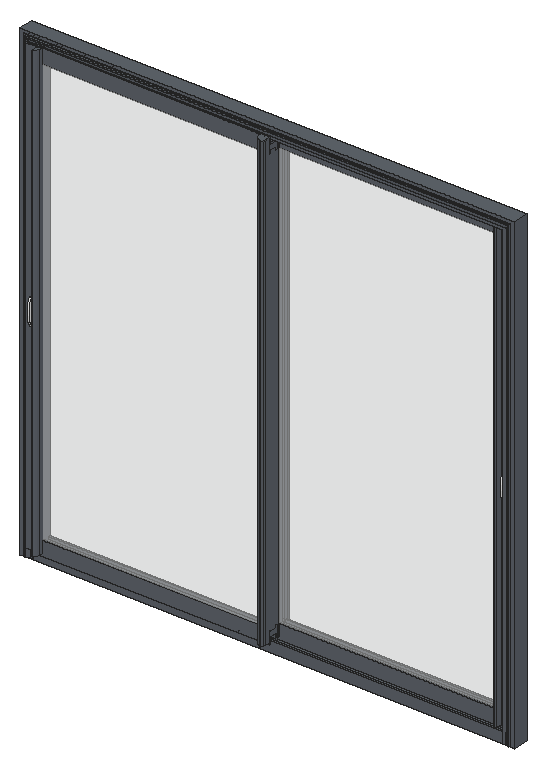
Revit family "Wicslide_65_Glass32_2_leaf_2_track_both_sliding_or_1_fixed_1slide", category Doors, host Wall, Revit 2014
Parameters
  Youtube clip = ""
  Weight Net (Kg) = 0
  Watertightness = "E900\r\nE900"
  Uniclass2 = "Ss-25-30-95-28"
  Uniclass 2015 Name = ""
  Uniclass 2015 Code = ""
  Uniclass 2.0 Description = ""
  Uniclass 2.0 Code = ""
  Uniclass 1.4 Description = ""
  Uniclass 1.4 Code = ""
  URL = "http://www.wicona.com"
  UNSPSC Code = ""
  Technical description = ""
  Sash meeting 3041252 = yes
  Sash meeting 3041251 = no
  Sash meeting 3041250 = not(or(Sash meeting 3041251, Sash meeting 3041252))  # no
  Sash 1041273 = yes
  Thermal (2-leaf frame) = "Uw < 1.5 W/m².K (with Ug = 1.0)"
  Sash 1041272 = no
  Sash 1041271 = no
  Sash 1041270 = not(or(Sash 1041271, Sash 1041272, Sash 1041273))  # no
  Resistance to wind load = ""
  Repeated Opening/Closing = "Class 3 (20,000 Cycles)"
  Region South America = "None"
  Region Oceania = "None"
  Region North America = "None"
  Region Middle East = "None"
  Region Europe = "AD, AL, AT, AX, BA, BE, BG, BY, CH, CS, CY, CZ, DE, DK, EE, ES, FI, FO, FR, GB, GG, GI, GR, HR, HU, IE, IM, IS, IT, JE, LI, LT, LU, LV, MC, MD, ME, MK, MT, NL, NO, PL, PT, RO, RS, RU, SE, SI, SJ, SK, SM, UA, VA, XK"
  Region Asia = "None"
  Region Antarctica = "None"
  Region Africa = "None"
  Quality Assurance = "Certified according to ISO 9001:2008"
  QR code = "http://bimobject.com/wicona/product/WICSLIDE_65_W"
  Product group = ""
  Product family = ""
  Product data url = "http://bimobject.com/wicona/product/WICSLIDE_65_W"
  Product certification = ""
  Product SKU = "WICSLIDE_65_W"
  Product Guid = "74bd8be9-202c-4542-9c4e-775a99e34c85"
  Operation = "IFC_DOORSLIDING"
  Operating Forces = "Class 1"
  OmniClass Description = ""
  OmniClass Code = ""
  Nominal width = 220000
  Nominal height = 210000
  NBS Reference Description = ""
  NBS Reference Code = ""
  Model = "Wicslide 65"
  Mechanical Strength = "Class 4"
  Maximum Sash Weight = "160kg as standard design, heavier weights can easily be customised"
  Material secondary = ""
  Material main = ""
  Manufacturer name = "Wicona"
  Manufacturer country = "Germany"
  Manufacturer = "Wicona"
  Load Bearing Capacity of Safety Devices = "Fulfilled"
  Leaf Width = Width / 2 - Frame Width 2  # 1052.5 mm
  Leaf Material = WICONA - Aluminium - RAL7016 - Anthracite Grey - Matt
  Leaf Height All = Height - Frame Width 2 - Bottom Offset  # 2013 mm
  Leaf Connect = 6.2 mm  # constant formula
  Leaf 2 Width = Width / 2 - Frame Width 2  # 1052.5 mm
  Keynote = "L10/330"
  Installation instructions = ""
  IFC Classification = ""
  Handle Material = Aluminium
  Glass Material = WICONA -  Glass
  Function = Interior
  Frame Width 3 = Frame Width - 24.5 mm  # 42.5 mm
  Frame Width 2 = if(Frame 1041226, 47.5 mm, 54.5 mm)  # 47.5 mm
  Frame Width = 67 mm
  Height = 2100 mm
  Wall Closure = By host
  Width = 2200 mm
  Frame Material = WICONA - Aluminium - RAL7016 - Anthracite Grey - Matt
  Frame Depth = 65 mm
  Frame 1041226 = yes
  Frame 1041231 = not(or(Frame 1041226))  # no
  Edition number = 1
  EN1627 Burglar Resistance = "RC1N, RC2N, RC2, RC3, SBD"
  EAN code = ""
  Door Offset = 60 mm
  Door 1 width = Width / 2 - Frame Width 2 - 50 mm  # 1002.5 mm
  Design country = "Germany"
  Description = "With  its  various  designs  of  outer  and  opening  frames, multiple  leaf  combinations  (from  2  to  6  leaves)  and  its  comprehensive range of dual colour solutions, the Wicslide 65 brings greater freedom to building design. Designed  to  meet  market  demands,  Wicslide  65  sliding doors are perfectly suited for disabled access."
  Date of publishing = "3/14/2015"
  Corrosion Resistance of the Fittings = "Class 5"
  COBIe Type Category = ""
  Bottom Offset = if(Frame Bottom 1041226, 46.5 mm, 39.5 mm)  # 39.5 mm
  Frame Bottom 1041232 = no
  Frame Bottom 1041226 = no
  Frame Bottom 1041231 = not(or(Frame Bottom 1041232, Frame Bottom 1041226))  # yes
  BIMobject category = ""
  Analytic Construction = "<None>"
  Air Permeability = "Class 4"
  Acoustic = "RA,tr = 35 dB"
Reference planes
  plane 1: y = 0
  plane 2 "Center (Left/Right)": x = 0
  plane 3 "Left": x = -1100
  plane 4 "Right": x = 1100
  plane 5: z = 2100
  plane 6 "Exterior": y = 75
  plane 7 "Interior": y = -75
  plane 8 "base line": y = 15
  plane 9: y = -50
  plane 10: x = -1052.5
  plane 11: z = 2052.5
  plane 12: x = 1052.5
  plane 13: y = 1081.9
  plane 14: x = -1060.5
  plane 15: x = 1060.5
  plane 16: y = -44
  plane 17: y = 9
  plane 18: z = 2051.035
  plane 19: z = 39.5
Forms (mm)
  Sweep 1, solid, material "WICONA - Aluminium - RAL7016 - Anthracite Grey - Matt" <- "Frame Material", visible <- "Frame 1041231"
    path origin (0, 15, 0) x (-1, 0, 0) y (0, 0, 1)
      loop
        line (1100, 0) -> (1100, 2100) -> (-1100, 2100) -> (-1100, 0)
    profile "Frame_1041231_profil : Frame_1041231_profil" origin (-1100, 15, 1050) x (1, 0, 0) y (0, 1, 0)
      loop
        line (0, 0.014) -> (0, -64.986) -> (47.501, -64.986) -> (47.501, -52.986) -> (28.03, -52.986) -> (28.03, -11.986) -> (47.501, -11.986) -> (47.501, 0.014) -> (0, 0.014)
  Sweep 2, solid, material "WICONA - Aluminium - RAL7016 - Anthracite Grey - Matt" <- "Frame Material", visible <- "Frame Bottom 1041231"
    path origin (0, 15, 0) x (-1, 0, 0) y (0, 0, 1)
      loop
        line (1060.5, 0) -> (-1060.5, 0)
    profile origin (0, 15, 0) x (0, 0, -1) y (0, 1, 0)
      loop
        line (0, 0) -> (-47.501, 0) -> (-47.501, -11.986) -> (-28.03, -11.986) -> (-28.03, -52.986) -> (-47.501, -52.986) -> (-47.501, -65) -> (0, -65) -> (0, 0)
  Sweep 3, solid, material "WICONA - Aluminium - RAL7016 - Anthracite Grey - Matt" <- "Frame Material", visible <- "Frame Bottom 1041226"
    path origin (0, 15, 0) x (-1, 0, 0) y (0, 0, 1)
      loop
        line (1060.5, 0) -> (-1060.5, 0)
    profile origin (0, 15, 0) x (0, 0, -1) y (0, 1, 0)
      loop
        line (-41.095, 0) -> (-54.504, 0) -> (-54.504, -11.986) -> (-35.067, -11.986) -> (-35.067, -52.986) -> (-54.504, -52.986) -> (-54.504, -65) -> (0, -65) -> (0, 0) -> (-16, 0) -> (-16, -5.069) -> (-17.931, -7) -> (-22.706, -7) -> (-22.706, 2) -> (-28.468, 2) -> (-41.095, 0)
  Sweep 4, solid, material "WICONA - Aluminium - RAL7016 - Anthracite Grey - Matt" <- "Frame Material", visible <- "Frame Bottom 1041232"
    path origin (0, 15, 0) x (-1, 0, 0) y (0, 0, 1)
      loop
        line (1060.5, 0) -> (-1060.5, 0)
    profile origin (0, 15, 0) x (0, 0, -1) y (0, 1, 0)
      loop
        line (0, 0) -> (-47.552, 0) -> (-47.552, -12) -> (-28.081, -12) -> (-28.081, -52.986) -> (-47.552, -52.986) -> (-47.552, -65.041) -> (-18.5, -65.041) -> (-18.5, -78.723)
        arc (-18.5, -78.723) -> (-25.364, -83.22) -> (-33.01, -86.2) r 39.467
        line (-33.01, -86.2) -> (-46.2, -86.2) -> (-46.2, -85.004) -> (-47.5, -85.004) -> (-47.5, -88) -> (-32.284, -88)
        arc (-32.284, -88) -> (-23.829, -84.402) -> (-16.3, -79.134) r 44.207
        line (-16.3, -79.134) -> (-16.3, -65) -> (0, -65) -> (0, 0)
  Sweep 5, solid, material "WICONA - Aluminium - RAL7016 - Anthracite Grey - Matt" <- "Frame Material", visible <- "Frame 1041226"
    path origin (0, 15, 0) x (-1, 0, 0) y (0, 0, 1)
      loop
        line (1100, 0) -> (1100, 2100) -> (-1100, 2100) -> (-1100, 0)
    profile origin (-1100, 15, 1050) x (1, 0, 0) y (0, 1, 0)
      loop
        line (54.5, -65) -> (54.5, -53) -> (35.067, -53) -> (35.067, -12) -> (54.5, -12) -> (54.5, 0) -> (0, 0) -> (0, -65) -> (16, -65) -> (16, -59.931) -> (17.931, -58) -> (22.706, -58) -> (22.706, -67) -> (28.468, -67) -> (41.095, -65) -> (54.5, -65)
Lines and regions (mm)
  Opening 1
    outline origin (-3050, -75, 0) x (1, 0, 0) y (0, 0, 1)
      loop
        line (1950, 0) -> (4150, 0) -> (4150, 2100) -> (1950, 2100) -> (1950, 0)
  model lines
    curve 1: line (0, -47.728, -46.926) -> (0, -47.728, -43.389)
  symbolic lines, style "Elevation Swing"
    curve 2: line (373.788, -75, 1198.851) -> (653.788, -75, 1198.851)
    curve 3: line (373.788, -75, 1198.851) -> (433.892, -75, 1138.747)
    curve 4: line (373.788, -75, 1198.851) -> (433.892, -75, 1258.955)
    curve 5: line (373.788, -75, 1198.851) -> (653.788, -75, 1198.851)
    curve 6: line (373.788, -75, 1198.851) -> (433.892, -75, 1258.955)
    curve 7: line (373.788, -75, 1198.851) -> (433.892, -75, 1138.747)
    curve 20: line (-344.757, -75, 1198.851) -> (-624.757, -75, 1198.851)
    curve 21: line (-344.757, -75, 1198.851) -> (-404.861, -75, 1138.747)
    curve 22: line (-344.757, -75, 1198.851) -> (-404.861, -75, 1258.955)
    curve 23: line (-344.757, -75, 1198.851) -> (-624.757, -75, 1198.851)
    curve 24: line (-344.757, -75, 1198.851) -> (-404.861, -75, 1258.955)
    curve 25: line (-344.757, -75, 1198.851) -> (-404.861, -75, 1138.747)
  symbolic lines, style "Plan Swing", detail levels coarse
    curve 8: line (-1052.5, -75, 0) -> (-1100, -75, 0)
    curve 9: line (1052.5, 75, 0) -> (1052.5, -75, 0)
    curve 10: line (-1052.5, 75, 0) -> (-1052.5, -75, 0)
    curve 11: line (-1052.5, 75, 0) -> (-1100, 75, 0)
    curve 12: line (1100, 75, 0) -> (1052.5, 75, 0)
    curve 13: line (1100, -75, 0) -> (1052.5, -75, 0)
  symbolic lines, style "Elevation Swing", not visible
    curve 14: line (213.788, -75, 1198.851) -> (493.788, -75, 1198.851)
    curve 15: line (213.788, -75, 1198.851) -> (273.892, -75, 1138.747)
    curve 16: line (213.788, -75, 1198.851) -> (273.892, -75, 1258.955)
    curve 17: line (213.788, -75, 1198.851) -> (493.788, -75, 1198.851)
    curve 18: line (213.788, -75, 1198.851) -> (273.892, -75, 1258.955)
    curve 19: line (213.788, -75, 1198.851) -> (273.892, -75, 1138.747)
Text (mm)
  text "Exterior" at (-2295.016, 1099.543, 0), in view "Ref. Level"
  text "Exterior" at (0, 1615.38, 3698.081), in view "Left"
  text "Exterior" at (0, 1036.032, 3874.932), in view "Right"
Dimensions and locks
  equal spacing: plane 3 "Left", plane 2 "Center (Left/Right)", plane 4 "Right"
  "Width": plane 3 "Left" to plane 4 "Right"
  "Height": plane 5 to host wall
  host wall to plane 5 = 2100 mm  (x2)
  locked: plane 6 "Exterior" to host wall at 0
  locked: plane 7 "Interior" to host wall
  "Door Offset": host wall to plane 8 "base line"
  "Frame Depth": plane 8 "base line" to plane 9
  "Frame Width 2": plane 3 "Left" to plane 10
  "Frame Width 2": plane 11 to plane 5
  "Frame Width 2": plane 12 to plane 4 "Right"
  "Bottom Offset": plane 3 "Left" to plane 14
  "Bottom Offset": plane 15 to plane 4 "Right"
  locked: plane 8 "base line" to plane 17 at 6
  locked: plane 9 to plane 16 at 6
  locked: plane 11 to plane 18 at 1.465
  "Bottom Offset": plane 19 to level
  aligned and locked: plane 3 "Left" to Opening 1 sketch curve
  aligned and locked: plane 5 to Opening 1 sketch curve  (x2)
  aligned and locked: Opening 1 sketch curve to plane 4 "Right"
  aligned and locked: Opening 1 sketch curve to level
  aligned and locked: plane 1 to host wall
  aligned and locked: Sweep 1 sketch curve to plane 3 "Left"
  aligned and locked: plane 5 to Sweep 1 sketch curve
  aligned and locked: plane 4 "Right" to Sweep 1 sketch curve
  aligned and locked: nested 1 to plane 8 "base line"
  aligned and locked: nested 1 to plane 3 "Left"
  aligned and locked: nested 2 to plane 4 "Right"
  aligned and locked: plane 8 "base line" to nested 2
  aligned and locked: plane 9 to nested 3
  aligned and locked: level to nested 3
  aligned and locked: nested 4 to level
  aligned and locked: nested 4 to plane 9
  aligned and locked: level to nested 5
  aligned and locked: plane 9 to nested 5
  aligned and locked: plane 15 to Sweep 3 sketch curve
  aligned and locked: plane 14 to Sweep 3 sketch curve
  aligned and locked: plane 14 to Sweep 4 sketch curve
  aligned and locked: plane 15 to Sweep 4 sketch curve
  aligned and locked: plane 14 to Sweep 2 sketch curve
  aligned and locked: plane 15 to Sweep 2 sketch curve
  aligned and locked: plane 5 to nested 6
  aligned and locked: nested 7 to plane 4 "Right"
  aligned and locked: plane 8 "base line" to nested 7
  aligned and locked: nested 8 to plane 8 "base line"
  aligned and locked: nested 8 to plane 3 "Left"
  aligned and locked: plane 5 to nested 9
  aligned and locked: plane 9 to nested 9
  aligned and locked: plane 7 "Interior" to curve 10
  aligned and locked: plane 6 "Exterior" to curve 10
  aligned and locked: curve 10 to plane 10
  aligned and locked: plane 3 "Left" to curve 11
  aligned and locked: plane 10 to curve 11
  aligned and locked: curve 11 to plane 6 "Exterior"
  aligned and locked: plane 3 "Left" to curve 8
  aligned and locked: curve 8 to plane 7 "Interior"
  aligned and locked: plane 7 "Interior" to curve 9
  aligned and locked: plane 6 "Exterior" to curve 9
  aligned and locked: curve 9 to plane 12
  aligned and locked: plane 4 "Right" to curve 13
  aligned and locked: plane 12 to curve 13
  aligned and locked: curve 13 to plane 7 "Interior"
  aligned and locked: plane 4 "Right" to curve 12
  aligned and locked: curve 12 to plane 6 "Exterior"
  aligned and locked: plane 10 to nested 10
  aligned and locked: nested 10 to plane 17
  aligned and locked: nested 11 to plane 16
  aligned and locked: plane 12 to nested 11
  aligned and locked: nested 6 to plane 9
  aligned and locked: plane 10 to nested 12
  aligned and locked: plane 2 "Center (Left/Right)" to nested 12
  aligned and locked: plane 16 to nested 12
  aligned and locked: plane 12 to nested 13
  aligned and locked: plane 2 "Center (Left/Right)" to nested 13
  aligned and locked: nested 13 to plane 17
  aligned and locked: plane 10 to nested 14
  aligned and locked: plane 16 to nested 14
  aligned and locked: nested 14 to plane 18
  aligned and locked: plane 18 to nested 15
  aligned and locked: plane 12 to nested 15
  aligned and locked: plane 17 to nested 15
Automatic sketch dimensions
  Sweep 1 sketch curve to level = 0 mm  (x2)
  Sweep 3 sketch curve to level = 0 mm
  plane 9 to curve 1 = 2.272 mm
  curve 1 to level = 46.926 mm
  curve 1 to curve 1 = 3.537 mm
  Sweep 2 sketch curve to level = 0 mm
  Sweep 4 sketch curve to level = 0 mm
  plane 4 "Right" to Sweep 5 sketch curve = 0 mm
  plane 3 "Left" to Sweep 5 sketch curve = 0 mm
  Sweep 5 sketch curve to level = 0 mm  (x2)
  Sweep 5 sketch curve to plane 5 = 0 mm
  Sweep 3 sketch curve to plane 8 "base line" = 0 mm  (x2)
  Sweep 3 sketch curve to profile plane = 0 mm
  Sweep 3 sketch curve to plane 8 "base line" = 5.069 mm
  profile plane to Sweep 3 sketch curve = 16 mm
  Sweep 3 sketch curve to plane 8 "base line" = 7 mm
  Sweep 3 sketch curve to Sweep 3 sketch curve = 1.931 mm
  plane 8 "base line" to Sweep 3 sketch curve = 2 mm
  Sweep 3 sketch curve to Sweep 3 sketch curve = 6.706 mm
  Sweep 3 sketch curve to Sweep 3 sketch curve = 5.762 mm
  Sweep 3 sketch curve to Sweep 3 sketch curve = 12.361 mm
  Sweep 3 sketch curve to Sweep 3 sketch curve = 12.628 mm
  Sweep 3 sketch curve to Sweep 3 sketch curve = 19.437 mm
  Sweep 3 sketch curve to Sweep 3 sketch curve = 13.408 mm
  Sweep 3 sketch curve to plane 8 "base line" = 11.986 mm
  Sweep 3 sketch curve to Sweep 3 sketch curve = 41 mm
  Sweep 3 sketch curve to Sweep 3 sketch curve = 12.014 mm
  Sweep 2 sketch curve to plane 8 "base line" = 0 mm
  profile plane to Sweep 2 sketch curve = 47.501 mm
  Sweep 2 sketch curve to Sweep 2 sketch curve = 0 mm
  Sweep 2 sketch curve to Sweep 2 sketch curve = 19.471 mm
  Sweep 2 sketch curve to profile plane = 0 mm
  Sweep 2 sketch curve to plane 8 "base line" = 11.986 mm
  Sweep 2 sketch curve to Sweep 2 sketch curve = 41 mm
  Sweep 2 sketch curve to Sweep 2 sketch curve = 12.014 mm
  Sweep 5 sketch curve to plane 8 "base line" = 0 mm
  Sweep 5 sketch curve to profile plane = 0 mm
  Sweep 5 sketch curve to profile plane = 16 mm
  Sweep 5 sketch curve to Sweep 5 sketch curve = 1.931 mm  (x2)
  Sweep 5 sketch curve to Sweep 5 sketch curve = 6.706 mm
  Sweep 5 sketch curve to Sweep 5 sketch curve = 5.762 mm
  Sweep 5 sketch curve to plane 8 "base line" = 12 mm
  Sweep 5 sketch curve to profile plane = 35.067 mm
  Sweep 5 sketch curve to Sweep 5 sketch curve = 19.433 mm  (x2)
  Sweep 5 sketch curve to Sweep 5 sketch curve = 41 mm
  Sweep 5 sketch curve to Sweep 5 sketch curve = 5 mm
  Sweep 5 sketch curve to Sweep 5 sketch curve = 5.069 mm
  Sweep 5 sketch curve to Sweep 5 sketch curve = 2 mm
  Sweep 5 sketch curve to Sweep 5 sketch curve = 12.628 mm
  Sweep 5 sketch curve to Sweep 5 sketch curve = 12 mm
  Sweep 4 sketch curve to plane 8 "base line" = 0 mm
  Sweep 4 sketch curve to profile plane = 0 mm
  profile plane to Sweep 4 sketch curve = 16.3 mm
  Sweep 4 sketch curve to Sweep 4 sketch curve = 2.2 mm
  Sweep 4 sketch curve to plane 8 "base line" = 12 mm
  Sweep 4 sketch curve to Sweep 4 sketch curve = 13.784 mm
  Sweep 4 sketch curve to Sweep 4 sketch curve = 15.361 mm
  Sweep 4 sketch curve to Sweep 4 sketch curve = 1.829 mm
  Sweep 4 sketch curve to Sweep 4 sketch curve = 13.916 mm
  Sweep 4 sketch curve to Sweep 4 sketch curve = 1.3 mm
  Sweep 4 sketch curve to Sweep 4 sketch curve = 4.109 mm
  Sweep 4 sketch curve to Sweep 4 sketch curve = 19.471 mm
  Sweep 4 sketch curve to Sweep 4 sketch curve = 33.744 mm
  Sweep 4 sketch curve to Sweep 4 sketch curve = 2.394 mm
  Sweep 4 sketch curve to Sweep 4 sketch curve = 4.849 mm
  Sweep 4 sketch curve to Sweep 4 sketch curve = 12.014 mm
  Sweep 4 sketch curve to Sweep 4 sketch curve = 12.055 mm
  Sweep 4 sketch curve to Sweep 4 sketch curve = 14.134 mm
  Sweep 4 sketch curve to Sweep 4 sketch curve = 2.996 mm
  Sweep 4 sketch curve to Sweep 4 sketch curve = 1.196 mm
  Sweep 4 sketch curve to Sweep 4 sketch curve = 0.726 mm
  Sweep 4 sketch curve to Sweep 4 sketch curve = 0.411 mm
Nested families
  nested 1: "Frame_1041231" at (-1100, 15, 0), visible <- "Frame 1041231", type "Frame_1041231"
  nested 2: "Frame_1041231" at (1100, 15, 0) x (-1, 0, 0) z (0, 0, 1), visible <- "Frame 1041231", type "Frame_1041231"
  nested 3: "Frame_1041226" at (0, -50, 0) x (0, 0, 1) z (1, 0, 0), type "Frame_1041226"
  nested 4: "Frame_Bottom_1041232" at (0, 15, 0) x (0, 0, 1) z (1, 0, 0), visible <- "Frame Bottom 1041232", built-in parameter 1006206 <- "Frame Bottom 1041232", type "Frame_Bottom_1041232"
  nested 5: "Frame_1041231" at (0, -50, 0) x (0, 0, 1) z (1, 0, 0), visible <- "Frame Bottom 1041231", type "Frame_1041231"
  nested 6: "Frame_1041231" at (0, 15, 2100) x (0, 0, -1) z (1, 0, 0), type "Frame_1041231"
  nested 7: "Frame_1041226" at (1100, 15, 0) x (-1, 0, 0) z (0, 0, 1), visible <- "Frame 1041226", type "Frame_1041226"
  nested 8: "Frame_1041226" at (-1100, 15, 0), visible <- "Frame 1041226", type "Frame_1041226"
  nested 9: "Frame_1041226" at (0, 15, 2100) x (0, 0, -1) z (1, 0, 0), visible <- "Frame 1041226", type "Frame_1041226"
  nested 10: "Seal" at (-1052.5, 9, 0), type "Seal"
  nested 11: "Seal" at (1052.5, -44, 0) x (-1, 0, 0) z (0, 0, 1), type "Seal"
  nested 12: "sliding door_coarse" at (-1052.5, -44, 0), type "52"
    with built-in parameter 1001306 3.4531 (stored number, unit not read)
  nested 13: "sliding door_coarse" at (0, 9, 0), type "52"
    with built-in parameter 1001306 3.4531 (stored number, unit not read)
  nested 14: "Leaf_Wicslide_65_G32_2_leaf_2_track_both_sliding_or_1_fixed_1slide" at (-1050.984, -44, 43.306), type "Leaf_Wicslide_65_G32_2_leaf_2_track_both_sliding_or_1_fixed_1slide"
    with Sash 1041273 yes, Sash 1041271 no, Handle Distance 22 mm, Leaf Width 1052.5 mm, Leaf Height 2013 mm
  nested 15: "Leaf_Wicslide_65_G32_2_leaf_2_track_both_sliding_or_1_fixed_1slide_right" at (1050.984, 9, 43.305) x (-1, 0, 0) z (0, 0, 1), type "Leaf_Wicslide_65_G32_2_leaf_2_track_both_sliding_or_1_fixed_1slide_right"
    with Sash 1041273 yes, Sash 1041271 no, Handle Distance 22 mm, Leaf Width 1052.5 mm, Leaf Height 2013 mm
Definition of nested family "Leaf_Wicslide_65_G32_2_leaf_2_track_both_sliding_or_1_fixed_1slide"
  Parameters (values of type "Leaf_Wicslide_65_G32_2_leaf_2_track_both_sliding_or_1_fixed_1slide")
    Sash meeting 3041252 = yes
    Sash meeting 3041250 = no
    Sash meeting 3041251 = no
    Sash 1041273 = no
    Sash 1041270 = no
    Sash 1041271 = yes
    Sash 1041272 = no
    Profil Bottom = 4 mm
    Handle Distance = if(Sash 1041270, 22 mm, if(Sash 1041271, 45 mm, if(Sash 1041272, 42 mm, 22 mm)))  # 45 mm
    Leaf Width = 896 mm
    Leaf Material = Aluminium
    Leaf Height = 2000 mm
    Handle Material = Aluminium
    Handle Height = 850 mm  # constant formula
    Glass Width = 32 mm
    Glass Offset 2 = 7 mm  # constant formula
    Glass Offset = 46.1 mm  # constant formula
    Glass Material = WICONA -  Glass
    Glas Offset Bottom = 46.6 mm
    Frame Material = Aluminium
    16 = 16 mm
  Reference planes
    plane 1 "Center (Front/Back)": y = 0
    plane 2: z = 0
    plane 3 "Center (Left/Right)": x = 0
    plane 4: x = 896
    plane 5: z = 2000
    plane 6: x = 46.1
    plane 7: x = 889
    plane 8: z = 1953.4
    plane 9: z = 46.6
    plane 10: z = 896.6
    plane 11: x = 58.1
    plane 12: y = -16
    plane 13: y = 16
    plane 14: x = -3.312
    plane 15: x = 899.312
    plane 16: z = 46.6
    plane 17: y = -45
    plane 18: x = 20
    plane 19: z = 960.237
    plane 20: x = -1.516
    plane 21: y = -21.816
    plane 22: z = -5.306
    plane 23: z = 25
    plane 24: x = 914.975
    plane 25: z = 2010.5
    plane 26: z = 1980.5
    plane 27: z = 4
    plane 28: x = -9.9
  Forms (mm)
    Sweep 1, solid, material "Aluminium" <- "Leaf Material", visible <- "Sash 1041270"
      path origin (-1.381, 0, 34.551) x (1, 0, 0) y (0, 0, 1)
        loop
          line (0, -30.551) -> (0, 1970.678)
      profile origin (-1.381, 0, 1004.615) x (-1, 0, 0) y (0, -1, 0)
        loop
          line (-59.481, -22) -> (8.519, -22) -> (8.519, -16.6) -> (-10.369, -16.6) -> (-10.369, 16.6) -> (8.519, 16.6) -> (8.519, 22) -> (-59.395, 22) -> (-59.395, 16) -> (-47.481, 16) -> (-47.481, -16) -> (-59.481, -16) -> (-59.481, -22)
    Extrusion 2, solid, material "WICONA -  Glass" <- "Glass Material", detail levels medium+fine
      sketch origin (-214.248, -550.766, -473.088) x (1, 0, 0) y (0, 0, 1)
        loop
          line (260.348, 2426.488) -> (260.348, 519.688) -> (1103.248, 519.688) -> (1103.248, 2426.488) -> (260.348, 2426.488)
      from -566.766 to -534.766
    Sweep 3, solid, material "Aluminium" <- "Leaf Material"
      path origin (0, 0, 0) x (1, 0, 0) y (0, 0, 1)
        loop
          line (8.988, 0) -> (914.975, 0)
      profile origin (461.982, 0, 0) x (0, 0, 1) y (0, -1, 0)
        loop
          line (-5.306, -20.1) -> (58.694, -20.1) -> (58.694, -16) -> (46.634, -16) -> (46.634, 16) -> (58.694, 16) -> (58.694, 20.1) -> (-5.306, 20.1) -> (-5.306, 16.6) -> (5.236, 16.6) -> (5.236, 18.5) -> (25.914, 18.5) -> (25.914, -18.502) -> (5.236, -18.502) -> (5.236, -16.602) -> (-5.306, -16.602) -> (-5.306, -20.1)
    Sweep 4, solid, material "Aluminium" <- "Leaf Material", visible <- "Sash meeting 3041250"
      path origin (0, 0, 0) x (1, 0, 0) y (0, 0, 1)
        loop
          line (896, 2005.23) -> (896, 4)
      profile origin (896, 0, 1004.615) x (0, -1, 0) y (1, 0, 0)
        loop
          line (-22.3, -19.026) -> (-16, -19.026) -> (-16, -7.023) -> (16, -7.023) -> (16, -19.026) -> (22, -19.026) -> (22, 18.975) -> (-25.992, 18.975) -> (-25.992, 0) -> (-22.3, 0) -> (-22.3, -19.026)
    Sweep 5, solid, material "Aluminium" <- "Leaf Material", visible <- "Sash 1041273"
      path origin (0, 0, 0) x (1, 0, 0) y (0, 0, 1)
        loop
          line (0, 4) -> (0, 2005.23)
      profile origin (0, 0, 1004.615) x (-1, 0, 0) y (0, -1, 0)
        loop
          line (9.9, -22) -> (9.9, -16.517) -> (-12.05, -16.517) -> (-12.05, 16.671) -> (9.9, 16.671) -> (9.9, 22) -> (-41.1, 22) -> (-41.1, 47) -> (-42.787, 54.915) -> (-43.872, 56) -> (-47.182, 56)
          arc (-47.182, 56) -> (-54.565, 44.34) -> (-58.1, 31) r 45.352
          line (-58.1, 31) -> (-58.1, -22) -> (9.9, -22)
    Sweep 6, solid, material "Aluminium" <- "Leaf Material", visible <- "Sash 1041272"
      path origin (0, 0, 0) x (1, 0, 0) y (0, 0, 1)
        loop
          line (0, 4) -> (0, 2005.23)
      profile origin (0, 0, 1004.615) x (-1, 0, 0) y (0, -1, 0)
        loop
          line (-58.1, -22) -> (9.9, -22) -> (9.9, -16) -> (-8.988, -16) -> (-8.988, 16) -> (9.9, 16) -> (9.9, 22) -> (-6.1, 22) -> (-6.1, 41.999) -> (-58.1, 41.999) -> (-58.1, 16) -> (-46.1, 16) -> (-46.1, -16) -> (-58.1, -16) -> (-58.1, -22)
    Sweep 7, solid, material "Aluminium" <- "Leaf Material", visible <- "Sash 1041271"
      path origin (0, 0, 0) x (1, 0, 0) y (0, 0, 1)
        loop
          line (0, 4) -> (0, 2005.23)
      profile origin (0, 0, 1004.615) x (-1, 0, 0) y (0, -1, 0)
        loop
          line (9.9, -22) -> (9.9, -16.6) -> (-8.988, -16.6) -> (-8.988, 16.6) -> (9.9, 16.6) -> (9.9, 45) -> (-58.1, 45) -> (-58.1, 16) -> (-46.136, 16) -> (-46.136, -16) -> (-58.1, -16) -> (-58.1, -22) -> (9.9, -22)
    Sweep 8, solid, material "Aluminium" <- "Leaf Material", visible <- "Sash meeting 3041252"
      path origin (0, 0, 0) x (1, 0, 0) y (0, 0, 1)
        loop
          line (896, 4) -> (896, 2005.23)
      profile origin (896, 0, 1004.615) x (-1, 0, 0) y (0, -1, 0)
        loop
          line (19.026, -22.3) -> (19.026, -16.183) -> (7, -16.183) -> (7, 16) -> (19.026, 16) -> (19.026, 30.94)
          arc (19.026, 30.94) -> (9.037, 49.24) -> (-7.45, 62) r 50.906
          line (-7.45, 62) -> (-13.135, 62) -> (-14.994, 60.998) -> (-17.979, 49.857) -> (-18.975, 41.747) -> (-18.975, -25.992) -> (0, -25.992) -> (0, -22.3) -> (19.026, -22.3)
    Sweep 9, solid, material "Aluminium" <- "Leaf Material", visible <- "Sash meeting 3041251"
      path origin (0, 0, 0) x (1, 0, 0) y (0, 0, 1)
        loop
          line (896, 4) -> (896, 2005.23)
      profile origin (896, 0, 1004.615) x (-1, 0, 0) y (0, -1, 0)
        loop
          line (0, -22.3) -> (19.026, -22.3) -> (19.026, -16) -> (7.023, -16) -> (7.023, 16) -> (19.026, 16) -> (19.026, 57) -> (-18.975, 57) -> (-18.975, -25.992) -> (0, -25.992) -> (0, -22.3)
    Sweep 10, solid, material "Aluminium" <- "Leaf Material"
      path origin (0, 0, 5.236) x (1, 0, 0) y (0, 0, 1)
        loop
          line (12.05, 2000) -> (914.975, 2000)
      profile origin (463.512, 0, 2005.236) x (0, 0, 1) y (0, -1, 0)
        loop
          line (-0.006, 20.1) -> (-64.007, 20.1) -> (-64.007, 16) -> (-51.87, 16) -> (-51.87, -16) -> (-64.006, -16) -> (-64.006, -20.1) -> (-0.005, -20.1) -> (-0.005, -16.6) -> (-10.505, -16.6) -> (-10.505, -18.5) -> (-31.192, -18.5) -> (-31.192, 18.502) -> (-10.506, 18.502) -> (-10.506, 16.602) -> (-0.006, 16.602) -> (-0.006, 20.1)
    Extrusion 11, void
      sketch origin (0, 0, 0) x (1, 0, 0) y (0, 1, 0)
        loop
          line (889, 16) -> (889, -16) -> (925.276, -16) -> (925.276, 16) -> (889, 16)
      from -5.306 to 25
    Extrusion 12, void
      sketch origin (0, 0, 0) x (1, 0, 0) y (0, 1, 0)
        loop
          line (922.34, 16) -> (889, 16) -> (889, -16) -> (922.34, -16) -> (922.34, 16)
      from -5.306 to 25
    Extrusion 13, void
      sketch origin (0, 0, 140) x (1, 0, 0) y (0, 1, 0)
        loop
          line (922.34, 16) -> (889, 16) -> (889, -16) -> (922.34, -16) -> (922.34, 16)
      from 1840.5 to 1870.5
  Cuts and joins
    Extrusion 11, Extrusion 12 cuts Extrusion 2
    Extrusion 11, Extrusion 12 cuts Sweep 3
    Extrusion 11, Extrusion 12, Extrusion 13 cuts Sweep 9
    Extrusion 12, Extrusion 13 cuts Sweep 4
    Extrusion 12, Extrusion 13 cuts Sweep 8
  Lines and regions (mm)
    symbolic lines, style "GenericModel", detail levels medium+fine
      curve 1: line (0, 16, 1953.4) -> (0, 16, 46.6)
      curve 2: line (0, -16, 1953.4) -> (0, -16, 46.6)
      curve 3: line (0, 0, 1953.4) -> (0, 0, 46.6)
  Dimensions and locks
    "Leaf Width": plane 3 "Center (Left/Right)" to plane 4
    "Leaf Height": plane 5 to level
    "Glass Offset": plane 3 "Center (Left/Right)" to plane 6
    "Glass Offset 2": plane 7 to plane 4
    "Glas Offset Bottom": plane 5 to plane 8
    level to plane 10 = 896.6 mm
    "Handle Height": plane 10 to plane 9
    "Glas Offset Bottom": plane 9 to level
    locked: plane 3 "Center (Left/Right)" to plane 14 at 3.312
    locked: plane 15 to plane 4 at 3.312
    locked: plane 3 "Center (Left/Right)" to plane 18 at 20
    "Handle Distance": plane 17 to plane 1 "Center (Front/Back)"
    plane 19 to level = 960.237 mm
    plane 21 to plane 1 "Center (Front/Back)" = 21.816 mm
    plane 23 to level to plane 22 = 25 mm locked, 5.306 mm locked
    locked: plane 4 to plane 24 at 18.975
    plane 25 to plane 5 to plane 26 = 10.5 mm locked, 19.5 mm locked
    "Profil Bottom": plane 27 to level
    "Glass Width": plane 12 to plane 13
    "16": plane 1 "Center (Front/Back)" to plane 13
    locked: plane 28 to plane 3 "Center (Left/Right)" at 9.9
    aligned and locked: level to plane 2
    aligned and locked: plane 9 to plane 16
    aligned and locked: nested 3 to level
    aligned and locked: nested 3 to plane 1 "Center (Front/Back)"
    aligned and locked: Extrusion 2 to plane 6
    aligned and locked: plane 7 to Extrusion 2
    aligned and locked: plane 8 to Extrusion 2
    aligned and locked: Extrusion 2 to plane 9
    aligned and locked: Extrusion 2 to plane 13
    aligned and locked: plane 12 to Extrusion 2
    aligned and locked: Sweep 4 to Sweep 3 sketch curve
    aligned and locked: plane 17 to nested 10
    aligned and locked: nested 10 to plane 18
    aligned and locked: plane 19 to nested 10
    aligned and locked: plane 1 "Center (Front/Back)" to nested 11
    aligned and locked: Sweep 10 to Sweep 4 sketch curve
    aligned and locked: Sweep 10 to Sweep 9 sketch curve
    aligned and locked: Sweep 10 to Sweep 8 sketch curve
    aligned and locked: Sweep 10 to Sweep 7 sketch curve
    aligned and locked: Sweep 10 to Sweep 6 sketch curve
    aligned and locked: Sweep 10 to Sweep 5 sketch curve
    aligned and locked: Sweep 10 to Sweep 1 sketch curve
    aligned and locked: Sweep 7 to Sweep 3 sketch curve
    aligned and locked: nested 12 to plane 17
    aligned and locked: nested 12 to plane 18
    aligned and locked: plane 23 to cut or joined group of Sweep 9, Extrusion 11, Extrusion 12, Extrusion 13
    aligned and locked: cut or joined group of Sweep 9, Extrusion 11, Extrusion 12, Extrusion 13 to plane 22
    aligned and locked: cut or joined group of Sweep 9, Extrusion 11, Extrusion 12, Extrusion 13 to plane 7
    aligned and locked: plane 27 to Sweep 9 sketch curve
    aligned and locked: plane 27 to Sweep 4 sketch curve
    aligned and locked: plane 27 to Sweep 7 sketch curve
    aligned and locked: plane 27 to Sweep 6 sketch curve
    aligned and locked: plane 27 to Sweep 5 sketch curve
    aligned and locked: plane 27 to Sweep 1 sketch curve
    aligned and locked: plane 27 to Sweep 8 sketch curve
    aligned and locked: nested 13 to plane 8
    aligned and locked: nested 13 to plane 9
    aligned and locked: nested 1 to plane 1 "Center (Front/Back)"
    aligned and locked: plane 3 "Center (Left/Right)" to nested 1
    aligned and locked: nested 4 to plane 3 "Center (Left/Right)"
    aligned and locked: nested 4 to plane 1 "Center (Front/Back)"
    aligned and locked: nested 5 to plane 3 "Center (Left/Right)"
    aligned and locked: nested 5 to plane 1 "Center (Front/Back)"
    aligned and locked: nested 2 to plane 1 "Center (Front/Back)"
    aligned and locked: plane 4 to nested 2
    aligned and locked: nested 8 to plane 1 "Center (Front/Back)"
    aligned and locked: plane 4 to nested 8
    aligned and locked: plane 4 to nested 7
    aligned and locked: nested 7 to plane 1 "Center (Front/Back)"
    aligned and locked: plane 7 to nested 14
    aligned and locked: plane 6 to nested 14
    aligned and locked: plane 12 to nested 14
    aligned and locked: plane 12 to nested 13
    aligned and locked: cut or joined group of Sweep 8, Extrusion 12, Extrusion 13 to plane 7  (x2)
    aligned and locked: cut or joined group of Sweep 8, Extrusion 12, Extrusion 13 to plane 22
    aligned and locked: plane 23 to cut or joined group of Sweep 8, Extrusion 12, Extrusion 13
    aligned and locked: plane 25 to cut or joined group of Sweep 8, Extrusion 12, Extrusion 13
    aligned and locked: cut or joined group of Sweep 8, Extrusion 12, Extrusion 13 to plane 26
    aligned and locked: plane 5 to nested 11
    aligned and locked: nested 6 to nested 9
    aligned and locked: nested 9 to plane 1 "Center (Front/Back)"
  Automatic sketch dimensions
    curve 2 to plane 8 = 0 mm
    curve 2 to plane 12 = 0 mm
    curve 3 to plane 1 "Center (Front/Back)" = 0 mm
    curve 1 to plane 9 = 0 mm
    curve 1 to plane 13 = 0 mm
    curve 2 to plane 9 = 0 mm
    curve 3 to plane 9 = 0 mm
    curve 3 to plane 8 = 0 mm
    curve 1 to plane 8 = 0 mm
    plane 20 to Sweep 1 sketch curve = 0.135 mm
    Sweep 1 sketch curve to profile plane = 22 mm
    profile plane to Sweep 1 sketch curve = 59.481 mm
    Sweep 1 sketch curve to Sweep 1 sketch curve = 0.086 mm
    Sweep 1 sketch curve to Sweep 1 sketch curve = 11.914 mm
    profile plane to Sweep 1 sketch curve = 10.369 mm
    Sweep 1 sketch curve to profile plane = 8.519 mm  (x2)
    Sweep 1 sketch curve to Sweep 1 sketch curve = 5.4 mm  (x2)
    Sweep 1 sketch curve to Sweep 1 sketch curve = 6 mm
    profile plane to Sweep 1 sketch curve = 16 mm
    profile plane to Sweep 1 sketch curve = 16.6 mm
    Extrusion 2 sketch curve to plane 6 = 0 mm
    Extrusion 2 sketch curve to plane 7 = 0 mm
    Extrusion 2 sketch curve to plane 9 = 0 mm
    Extrusion 2 sketch curve to plane 8 = 0 mm
    Sweep 3 sketch curve to level = 0 mm
    profile plane to Sweep 3 sketch curve = 5.306 mm  (x2)
    Sweep 3 sketch curve to profile plane = 5.236 mm  (x2)
    Sweep 3 sketch curve to Sweep 3 sketch curve = 20.678 mm
    plane 16 to Sweep 3 sketch curve = 0.034 mm
    plane 16 to Sweep 3 sketch curve = 12.094 mm  (x2)
    Sweep 3 sketch curve to plane 1 "Center (Front/Back)" = 20.1 mm
    Sweep 3 sketch curve to plane 1 "Center (Front/Back)" = 18.502 mm
    Sweep 3 sketch curve to Sweep 3 sketch curve = 3.498 mm
    Sweep 3 sketch curve to Sweep 3 sketch curve = 4.1 mm  (x2)
    plane 1 "Center (Front/Back)" to Sweep 3 sketch curve = 16 mm
    plane 1 "Center (Front/Back)" to Sweep 3 sketch curve = 16.6 mm
    Sweep 3 sketch curve to Sweep 3 sketch curve = 1.9 mm
    Sweep 4 sketch curve to plane 4 = 0 mm
    Sweep 4 sketch curve to profile plane = 0 mm
    Sweep 4 sketch curve to plane 1 "Center (Front/Back)" = 25.992 mm
    Sweep 4 sketch curve to Sweep 4 sketch curve = 3.692 mm
    Sweep 4 sketch curve to Sweep 4 sketch curve = 6.3 mm
    profile plane to Sweep 4 sketch curve = 7.023 mm
    plane 1 "Center (Front/Back)" to Sweep 4 sketch curve = 16 mm
    Sweep 4 sketch curve to Sweep 4 sketch curve = 6 mm
    Sweep 4 sketch curve to Sweep 4 sketch curve = 12.003 mm  (x2)
    Sweep 4 sketch curve to profile plane = 18.975 mm
    Sweep 5 sketch curve to plane 3 "Center (Left/Right)" = 0 mm
    profile plane to Sweep 5 sketch curve = 58.1 mm
    Sweep 5 sketch curve to Sweep 5 sketch curve = 10.918 mm
    Sweep 5 sketch curve to Sweep 5 sketch curve = 3.31 mm
    Sweep 5 sketch curve to Sweep 5 sketch curve = 1.085 mm  (x2)
    Sweep 5 sketch curve to Sweep 5 sketch curve = 1.687 mm
    profile plane to Sweep 5 sketch curve = 13.004 mm
    Sweep 5 sketch curve to Sweep 5 sketch curve = 0.954 mm
    Sweep 5 sketch curve to profile plane = 9.9 mm  (x2)
    Sweep 5 sketch curve to plane 1 "Center (Front/Back)" = 22 mm
    Sweep 5 sketch curve to plane 1 "Center (Front/Back)" = 16.517 mm
    plane 1 "Center (Front/Back)" to Sweep 5 sketch curve = 16.671 mm
    Sweep 5 sketch curve to Sweep 5 sketch curve = 5.329 mm
    Sweep 5 sketch curve to Sweep 5 sketch curve = 9.518 mm
    Sweep 5 sketch curve to Sweep 5 sketch curve = 9 mm  (x2)
    Sweep 6 sketch curve to plane 3 "Center (Left/Right)" = 0 mm
    Sweep 6 sketch curve to plane 1 "Center (Front/Back)" = 22 mm
    profile plane to Sweep 6 sketch curve = 58.1 mm
    Sweep 6 sketch curve to Sweep 6 sketch curve = 0 mm
    Sweep 6 sketch curve to Sweep 6 sketch curve = 12 mm
    profile plane to Sweep 6 sketch curve = 8.988 mm
    profile plane to Sweep 6 sketch curve = 6.1 mm
    Sweep 6 sketch curve to profile plane = 9.9 mm  (x2)
    Sweep 6 sketch curve to Sweep 6 sketch curve = 6 mm  (x2)
    Sweep 6 sketch curve to plane 1 "Center (Front/Back)" = 16 mm
    plane 1 "Center (Front/Back)" to Sweep 6 sketch curve = 16 mm  (x2)
    Sweep 6 sketch curve to Sweep 6 sketch curve = 19.999 mm
    Sweep 7 sketch curve to plane 3 "Center (Left/Right)" = 0 mm
    profile plane to Sweep 7 sketch curve = 58.1 mm
    Sweep 7 sketch curve to Sweep 7 sketch curve = 0 mm
    Sweep 7 sketch curve to Sweep 7 sketch curve = 11.964 mm
    profile plane to Sweep 7 sketch curve = 8.988 mm
    Sweep 7 sketch curve to profile plane = 9.9 mm  (x2)
    Sweep 7 sketch curve to plane 1 "Center (Front/Back)" = 22 mm
    Sweep 7 sketch curve to Sweep 7 sketch curve = 5.4 mm
    Sweep 7 sketch curve to Sweep 7 sketch curve = 6 mm
    plane 1 "Center (Front/Back)" to Sweep 7 sketch curve = 16 mm
    plane 1 "Center (Front/Back)" to Sweep 7 sketch curve = 16.6 mm
    Sweep 7 sketch curve to Sweep 7 sketch curve = 28.4 mm
    Sweep 8 sketch curve to plane 4 = 0 mm
    Sweep 8 sketch curve to profile plane = 0 mm
    profile plane to Sweep 8 sketch curve = 7.45 mm
    Sweep 8 sketch curve to Sweep 8 sketch curve = 5.685 mm
    Sweep 8 sketch curve to Sweep 8 sketch curve = 1.859 mm
    Sweep 8 sketch curve to Sweep 8 sketch curve = 2.985 mm
    Sweep 8 sketch curve to Sweep 8 sketch curve = 0.996 mm
    plane 1 "Center (Front/Back)" to Sweep 8 sketch curve = 16.215 mm
    Sweep 8 sketch curve to Sweep 8 sketch curve = 10.729 mm
    Sweep 8 sketch curve to profile plane = 7 mm
    Sweep 8 sketch curve to Sweep 8 sketch curve = 12.026 mm  (x2)
    plane 1 "Center (Front/Back)" to Sweep 8 sketch curve = 16 mm
    Sweep 8 sketch curve to plane 1 "Center (Front/Back)" = 16.183 mm
    Sweep 8 sketch curve to Sweep 8 sketch curve = 6.117 mm
    Sweep 8 sketch curve to Sweep 8 sketch curve = 3.692 mm
    Sweep 8 sketch curve to Sweep 8 sketch curve = 14.94 mm
    Sweep 8 sketch curve to Sweep 8 sketch curve = 20.253 mm
    Sweep 8 sketch curve to Sweep 8 sketch curve = 8.11 mm
    Sweep 8 sketch curve to Sweep 8 sketch curve = 1.002 mm
    Sweep 9 sketch curve to plane 4 = 0 mm
    Sweep 9 sketch curve to profile plane = 0 mm
    profile plane to Sweep 9 sketch curve = 18.975 mm
    Sweep 9 sketch curve to profile plane = 7.023 mm
    Sweep 9 sketch curve to profile plane = 19.026 mm
    Sweep 9 sketch curve to Sweep 9 sketch curve = 12.003 mm
    Sweep 9 sketch curve to plane 1 "Center (Front/Back)" = 25.992 mm
    Sweep 9 sketch curve to Sweep 9 sketch curve = 3.692 mm
    Sweep 9 sketch curve to Sweep 9 sketch curve = 6.3 mm
    plane 1 "Center (Front/Back)" to Sweep 9 sketch curve = 16 mm
    Sweep 9 sketch curve to Sweep 9 sketch curve = 41 mm
    plane 5 to Sweep 10 sketch curve = 5.236 mm
    Sweep 10 sketch curve to plane 24 = 0 mm
    plane 18 to Sweep 10 sketch curve = 7.95 mm
    Extrusion 11 sketch curve to plane 7 = 0 mm
    plane 12 to Extrusion 11 sketch curve = 0 mm
    plane 13 to Extrusion 11 sketch curve = 0 mm
    plane 24 to Extrusion 11 sketch curve = 10.301 mm
    Extrusion 12 sketch curve to plane 7 = 0 mm
    plane 12 to Extrusion 12 sketch curve = 0 mm
    plane 13 to Extrusion 12 sketch curve = 0 mm
    plane 24 to Extrusion 12 sketch curve = 7.365 mm
    plane 7 to Extrusion 13 sketch curve = 0 mm
    plane 12 to Extrusion 13 sketch curve = 0 mm
    plane 13 to Extrusion 13 sketch curve = 0 mm
    plane 24 to Extrusion 13 sketch curve = 7.365 mm
    plane 1 "Center (Front/Back)" to Sweep 10 sketch curve = 20.1 mm
    profile plane to Sweep 10 sketch curve = 64.007 mm
    Sweep 10 sketch curve to plane 1 "Center (Front/Back)" = 16 mm
    Sweep 10 sketch curve to Sweep 10 sketch curve = 0.001 mm
    Sweep 10 sketch curve to Sweep 10 sketch curve = 12.136 mm
    Sweep 10 sketch curve to Sweep 10 sketch curve = 20.678 mm
    profile plane to Sweep 10 sketch curve = 10.506 mm
    profile plane to Sweep 10 sketch curve = 10.505 mm
    profile plane to Sweep 10 sketch curve = 0.006 mm
    profile plane to Sweep 10 sketch curve = 0.005 mm
    Sweep 10 sketch curve to plane 1 "Center (Front/Back)" = 16.6 mm
    Sweep 10 sketch curve to Sweep 10 sketch curve = 1.9 mm
    Sweep 10 sketch curve to Sweep 10 sketch curve = 4.1 mm  (x2)
    Sweep 10 sketch curve to Sweep 10 sketch curve = 3.498 mm
    plane 1 "Center (Front/Back)" to Sweep 10 sketch curve = 18.502 mm
  Nested families
    nested 1: "Sash Verticals_1041270" at (-9.9, 22, 0), visible <- "Sash 1041270", type "Sash Verticals_1041270"
    nested 2: "Sash meeting 3041250" at (896, 18, 0), visible <- "Sash meeting 3041250", type "Sash meeting 3041250"
    nested 3: "Sash_horizontal_1041274" at (0, 0, 0) x (0, 1, 0) z (1, 0, 0), type "Sash_horizontal_1041274"
    nested 4: "Sash Verticals_1041271" at (-9.9, 22, 0), visible <- "Sash 1041271", type "Sash Verticals_1041271"
    nested 5: "Sash Verticals_1041272" at (-9.9, 22, 0), visible <- "Sash 1041272", type "Sash Verticals_1041272"
    nested 6: "Sash Verticals_1041273" at (-9.9, 22, 0), visible <- "Sash 1041273", type "Sash Verticals_1041273"
    nested 7: "Sash meeting 3041251" at (896, 18, 0), visible <- "Sash meeting 3041251", type "Sash meeting_3041251"
    nested 8: "Sash meeting 3041252" at (896, 18, 0), visible <- "Sash meeting 3041252", type "Sash meeting_3041252"
    nested 9: "Sash_lock" at (-9.9, 18, 0), type "Sash_lock"
    nested 10: "wicona_handle_2" at (20, -45, 956.633) x (-1, 0, 0) z (0, 0, 1), type "wicona_handle_2", detail levels medium+fine
    nested 11: "Sash_horizontal_1041274" at (0, 0, 2000) x (0, -1, 0) z (1, 0, 0), type "Sash_horizontal_1041274"
    nested 12: "wicona_handle_2d" at (20, -45, 0), type "wicona_handle_2d"
    nested 13: "window_2_pieces_glass_line" at (0, -16, 1953.4) x (0, 0, -1) z (1, 0, 0), type "T32"
      with built-in parameter 1001306 6.2559 (stored number, unit not read)
    nested 14: "window_2_pieces_glass_line" at (46.1, -16, 0), type "T32"
      with built-in parameter 1001306 2.7654 (stored number, unit not read)
  Definition of nested family "wicona_handle_2"
    Parameters (values of type "wicona_handle_2")
      Leaf Thickness = 119.445 mm
      Handle Material = Aluminium
    Reference planes
      plane 1 "Center (Front/Back)": y = 0
      plane 2: z = 0
      plane 3 "Center (Left/Right)": x = 0
      plane 4: x = -12.5
      plane 5: x = 12.5
      plane 6: y = -25
    Forms (mm)
      Extrusion 1, solid, material "Aluminium" <- "Handle Material"
        sketch origin (0, 0, 0) x (1, 0, 0) y (0, 0, 1)
          loop
            line (0, 24.936) -> (0, -24.936)
            arc (0, -24.936) -> (9.865, 0) -> (0, 24.936) r 36.45
        from 0 to 7.131
      Extrusion 2, solid, material "Aluminium" <- "Handle Material"
        sketch origin (0, 0, 0) x (0, 1, 0) y (0, 0, 1)
          loop
            line (0, 61.209) -> (-11.38, 61.209)
            arc (-11.38, 61.209) -> (-25.13, 4.31) -> (-11.38, -52.589) r 124.599
            line (-11.38, -52.589) -> (0, -52.589) -> (0, 61.209)
        from -4.798 to 4.287
      Extrusion 3, solid, material "Aluminium" <- "Handle Material"
        sketch origin (-0.471, 0, 3.281) x (0.788011, 0, 0.615661) y (-0.615661, 0, 0.788011)
          loop
            line (-12.5, 3.457) -> (-12.5, -1.543) -> (2.5, -1.543) -> (2.5, 3.457) -> (-12.5, 3.457)
        from 0 to 7.131
    Dimensions and locks
      aligned and locked: level to plane 2
  Definition of nested family "Sash Verticals_1041270"
    Reference planes
      plane 1 "Center (Front/Back)": y = 0
      plane 2: z = 0
      plane 3 "Center (Left/Right)": x = 0
      plane 4: y = -44
      plane 5: y = -22
      plane 6: y = -6
      plane 7: y = -38
    Lines and regions (mm)
      Filled region 1, type "Concrete", in view "Ref. Level", detail levels medium
        outline origin (18.997, 3.58, 0) x (1, 0, 0) y (0, 1, 0)
          loop
            line (-18.997, -3.58) -> (-18.997, -8.98) -> (-9.097, -8.98) -> (-9.097, -5.18) -> (-0.109, -5.18) -> (-0.109, -45.98) -> (-9.097, -45.98) -> (-9.097, -42.18) -> (-18.997, -42.18) -> (-18.997, -47.58) -> (49.003, -47.58) -> (49.003, -41.58) -> (37.039, -41.58) -> (37.039, -9.58) -> (49.003, -9.58) -> (49.003, -3.58) -> (-18.997, -3.58)
      model lines, style "GLAS", in view "Ref. Level", detail levels fine
        curve 1: line (56.036, -2.324, 0) -> (56.036, -40.117, 0)
  Definition of nested family "Sash meeting 3041250"
    Parameters (values of type "Sash meeting 3041250")
      6 = 6 mm
    Reference planes
      plane 1 "Center (Front/Back)": y = 0
      plane 2: z = 0
      plane 3 "Center (Left/Right)": x = 0
      plane 4: y = -40
      plane 5: y = -18
      plane 6: x = 18.975
      plane 7: y = -2
      plane 8: y = -34
    Lines and regions (mm)
      Filled region 1, type "Concrete", in view "Ref. Level", detail levels medium
        outline origin (18.997, 3.58, 0) x (1, 0, 0) y (0, 1, 0)
          loop
            line (-0.022, -43.58) -> (-0.022, 4.412) -> (-18.997, 4.412) -> (-18.997, 0.72) -> (-38.109, 0.72) -> (-38.109, -5.58) -> (-26.02, -5.58) -> (-26.02, -37.58) -> (-38.109, -37.58) -> (-38.109, -43.58) -> (-0.022, -43.58)
  Definition of nested family "Sash_horizontal_1041274"
    Reference planes
      plane 1 "Center (Front/Back)": y = 0
      plane 2: z = 0
      plane 3 "Center (Left/Right)": x = 0
      plane 4: y = -5.264
      plane 5: y = 46.634
      plane 6: x = -16
      plane 7: x = 16
    Lines and regions (mm)
      Filled region 1, type "Concrete", in view "Ref. Level", detail levels medium
        outline origin (18.997, 3.58, 0) x (1, 0, 0) y (0, 1, 0)
          loop
            line (-39.097, -8.845) -> (-35.597, -8.845) -> (-35.597, 1.655) -> (-37.497, 1.655) -> (-37.497, 22.334) -> (-0.495, 22.334) -> (-0.495, 1.655) -> (-2.394, 1.655) -> (-2.394, -8.845) -> (1.103, -8.845) -> (1.103, 55.157) -> (-2.997, 55.157) -> (-2.997, 43.054) -> (-34.997, 43.054) -> (-34.997, 55.156) -> (-39.097, 55.156) -> (-39.097, -8.845)
      detail lines, style "CENT3", in view "Ref. Level", not visible
        curve 1: line (123.517, -4.599, 0) -> (123.517, -38.599, 0)
      detail lines, style "GLAS", in view "Ref. Level", not visible
        curve 2: line (83.517, -9.599, 0) -> (123.517, -9.599, 0)
        curve 3: line (123.517, -9.599, 0) -> (123.517, -14.599, 0)
        curve 4: line (123.517, -14.599, 0) -> (83.517, -14.599, 0)
        curve 5: line (83.517, -14.599, 0) -> (83.517, -9.599, 0)
        curve 6: line (83.517, -28.599, 0) -> (123.517, -28.599, 0)
        curve 7: line (123.517, -28.599, 0) -> (123.517, -33.599, 0)
        curve 8: line (123.517, -33.599, 0) -> (83.517, -33.599, 0)
        curve 9: line (83.517, -33.599, 0) -> (83.517, -28.599, 0)
        curve 10: line (83.517, -10.599, 0) -> (123.517, -10.599, 0)
        curve 11: line (83.517, -11.599, 0) -> (123.517, -11.599, 0)
        curve 12: line (83.517, -12.599, 0) -> (123.517, -12.599, 0)
        curve 13: line (83.517, -13.599, 0) -> (123.517, -13.599, 0)
        curve 14: line (83.517, -14.599, 0) -> (123.517, -14.599, 0)
        curve 15: line (93.517, -14.599, 0) -> (93.517, -28.599, 0)
        curve 16: line (83.517, -28.599, 0) -> (123.517, -28.599, 0)
        curve 17: line (83.517, -29.599, 0) -> (123.517, -29.599, 0)
        curve 18: line (83.517, -30.599, 0) -> (123.517, -30.599, 0)
        curve 19: line (83.517, -31.599, 0) -> (123.517, -31.599, 0)
        curve 20: line (83.517, -32.599, 0) -> (123.517, -32.599, 0)
        curve 21: line (123.517, -9.599, 0) -> (83.517, -9.599, 0)
        curve 22: line (83.517, -9.599, 0) -> (83.517, -33.599, 0)
        curve 23: line (83.517, -33.599, 0) -> (123.517, -33.599, 0)
      detail lines, style "GLAS", in view "Ref. Level", not visible, detail levels fine
        curve 24: line (56.036, -6.117, 0) -> (96.036, -6.117, 0)
        curve 25: line (96.036, -30.117, 0) -> (56.036, -30.117, 0)
        curve 26: line (96.036, -6.117, 0) -> (56.036, -6.117, 0)
        curve 27: line (56.036, -6.117, 0) -> (56.036, -30.117, 0)
        curve 28: line (56.036, -30.117, 0) -> (96.036, -30.117, 0)
  Definition of nested family "Sash Verticals_1041271"
    Reference planes
      plane 1 "Center (Front/Back)": y = 0
      plane 2: z = 0
      plane 3 "Center (Left/Right)": x = 0
      plane 4: y = -44
      plane 5: y = -22
      plane 6: y = -6
      plane 7: y = -38
    Lines and regions (mm)
      Filled region 1, type "Concrete", in view "Ref. Level", detail levels medium
        outline origin (18.997, 3.58, 0) x (1, 0, 0) y (0, 1, 0)
          loop
            line (-18.997, -3.58) -> (-18.997, -8.98) -> (-9.097, -8.98) -> (-9.097, -5.18) -> (-0.109, -5.18) -> (-0.109, -45.98) -> (-9.097, -45.98) -> (-9.097, -42.18) -> (-18.997, -42.18) -> (-18.997, -70.58) -> (49.003, -70.58) -> (49.003, -41.58) -> (37.039, -41.58) -> (37.039, -9.58) -> (49.003, -9.58) -> (49.003, -3.58) -> (-18.997, -3.58)
      model lines, style "GLAS", in view "Ref. Level", detail levels fine
        curve 1: line (56.036, -2.324, 0) -> (56.036, -40.117, 0)
  Definition of nested family "Sash Verticals_1041272"
    Reference planes
      plane 1 "Center (Front/Back)": y = 0
      plane 2: z = 0
      plane 3 "Center (Left/Right)": x = 0
      plane 4: y = -44
      plane 5: y = -22
      plane 6: y = -6
      plane 7: y = -38
    Lines and regions (mm)
      Filled region 1, type "Concrete", in view "Ref. Level", detail levels medium
        outline origin (18.997, 5.863, 0) x (1, 0, 0) y (0, 1, 0)
          loop
            line (-18.997, -5.863) -> (-18.997, -11.863) -> (-8.997, -11.863) -> (-8.997, -7.463) -> (-0.109, -7.463) -> (-0.109, -48.263) -> (-8.997, -48.263) -> (-8.997, -43.863) -> (-18.997, -43.863) -> (-18.997, -49.863) -> (-2.997, -49.863) -> (-2.997, -69.862) -> (49.003, -69.862) -> (49.003, -43.863) -> (37.039, -43.863) -> (37.039, -11.863) -> (49.003, -11.863) -> (49.003, -5.863) -> (-18.997, -5.863)
      model lines, style "GLAS", in view "Ref. Level", detail levels fine
        curve 1: line (56.036, -2.324, 0) -> (56.036, -40.117, 0)
  Definition of nested family "Sash Verticals_1041273"
    Reference planes
      plane 1 "Center (Front/Back)": y = 0
      plane 2: z = 0
      plane 3 "Center (Left/Right)": x = 0
      plane 4: y = -44
      plane 5: y = -22
      plane 6: y = -6
      plane 7: y = -38
    Lines and regions (mm)
      Filled region 1, type "Concrete", in view "Ref. Level", detail levels medium
        outline origin (18.997, 5.863, 0) x (1, 0, 0) y (0, 1, 0)
          loop
            line (-18.997, -5.863) -> (-18.997, -11.263) -> (-8.997, -11.263) -> (-8.997, -7.463) -> (-0.109, -7.463) -> (-0.109, -48.263) -> (-8.997, -48.263) -> (-8.997, -44.463) -> (-18.997, -44.463) -> (-18.997, -49.863) -> (32.003, -49.863) -> (32.003, -72.818) -> (32.786, -79.191) -> (34.42, -83.863) -> (38.085, -83.863)
            arc (38.085, -83.863) -> (45.505, -72.219) -> (49.003, -58.863) r 44.553
            line (49.003, -58.863) -> (49.003, -43.863) -> (37.039, -43.863) -> (37.039, -11.863) -> (49.003, -11.863) -> (49.003, -5.863) -> (-18.997, -5.863)
      model lines, style "GLAS", in view "Ref. Level", detail levels fine
        curve 1: line (56.036, -2.324, 0) -> (56.036, -40.117, 0)
  Definition of nested family "Sash meeting 3041251"
    Parameters (values of type "Sash meeting 3041251")
      6 = 6 mm
    Reference planes
      plane 1 "Center (Front/Back)": y = 0
      plane 2: z = 0
      plane 3 "Center (Left/Right)": x = 0
      plane 4: y = -40
      plane 5: y = -18
      plane 6: x = 18.975
      plane 7: y = -2
      plane 8: y = -34
      plane 9: y = 4.5
    Lines and regions (mm)
      Filled region 1, type "Concrete", in view "Ref. Level", detail levels medium
        outline origin (18.997, 3.58, 0) x (1, 0, 0) y (0, 1, 0)
          loop
            line (-0.022, -78.58) -> (-0.022, 4.412) -> (-18.997, 4.412) -> (-18.997, 0.72) -> (-38.109, 0.72) -> (-38.109, -5.58) -> (-26.02, -5.58) -> (-26.02, -37.58) -> (-38.109, -37.58) -> (-38.109, -78.58) -> (-0.022, -78.58)
  Definition of nested family "Sash meeting 3041252"
    Parameters (values of type "Sash meeting 3041252")
      6 = 6 mm
    Reference planes
      plane 1 "Center (Front/Back)": y = 0
      plane 2: z = 0
      plane 3 "Center (Left/Right)": x = 0
      plane 4: y = -40
      plane 5: y = -18
      plane 6: x = 18.975
      plane 7: y = -2
      plane 8: y = -34
      plane 9: y = 4.5
    Lines and regions (mm)
      Filled region 1, type "Concrete", in view "Ref. Level", detail levels medium
        outline origin (18.997, 3.58, 0) x (1, 0, 0) y (0, 1, 0)
          loop
            line (-0.022, -60.28) -> (-0.022, 4.412) -> (-18.997, 4.412) -> (-18.997, 0.72) -> (-38.109, 0.72) -> (-38.109, -5.58) -> (-26.02, -5.58) -> (-26.02, -37.58) -> (-38.109, -37.58) -> (-38.109, -52.434)
            arc (-38.109, -52.434) -> (-28.07, -70.772) -> (-11.546, -83.58) r 51.285
            line (-11.546, -83.58) -> (-4.436, -83.58) -> (-0.022, -60.28)
  Definition of nested family "Sash_lock"
    Reference planes
      plane 1 "Center (Front/Back)": y = 0
      plane 2: z = 0
      plane 3 "Center (Left/Right)": x = 0
      plane 4: y = -36
      plane 5: y = -18
  Definition of nested family "wicona_handle_2d"
    Reference planes
      plane 1 "Center (Front/Back)": y = 0
      plane 2: z = 0
      plane 3 "Center (Left/Right)": x = 0
    Lines and regions (mm)
      Filled region 1, type "Concrete", in view "Ref. Level", detail levels medium
        outline origin (18.997, 3.58, 0) x (1, 0, 0) y (0, 1, 0)
          loop
            line (-32.997, -3.58) -> (-32.997, -9.933) -> (-24.997, -13.663) -> (-24.997, -27.833) -> (-22.937, -29.893) -> (-14.406, -29.893) -> (-13.407, -28.894) -> (-12.884, -13.903) -> (-10.056, -13.145) -> (-10.056, -16.127) -> (-7.132, -23.016) -> (0.376, -23.016) -> (1.978, -21.414) -> (0.932, -15.482) -> (-2.662, -8.313) -> (-7.394, -3.58) -> (-32.997, -3.58)
      model lines, style "PIECES", in view "Ref. Level", detail levels fine
        curve 1: arc (14, -1.6, 0) -> (13.707, -0.893, 0) -> (13, -0.6, 0) r 1
        curve 2: arc (6.221, -10.26, 0) -> (7.596, -9.888, 0) -> (8.949, -9.443, 0) r 26.5
        curve 3: arc (-13.393, -7.367, 0) -> (-9.913, -9.076, 0) -> (-6.221, -10.26, 0) r 26.5
        curve 4: arc (11.211, -7.242, 0) -> (11.535, -6.913, 0) -> (11.677, -6.473, 0) r 1
        curve 5: line (11.793, -0.6, 0) -> (12.052, -0.6, 0)
        curve 6: line (12.052, -0.6, 0) -> (13, -0.6, 0)
        curve 7: line (8.949, -12.262, 0) -> (8.949, -8.492, 0)
        curve 8: line (-4.591, -26.312, 0) -> (4.591, -26.312, 0)
        curve 9: line (-5.814, -25, 0) -> (-6.068, -10.451, 0)
        curve 10: line (-6.068, -10.451, 0) -> (-6.221, -10.26, 0)
        curve 11: line (5.815, -24.927, 0) -> (6.068, -10.451, 0)
        curve 12: line (6.068, -10.451, 0) -> (6.221, -10.26, 0)
        curve 13: line (11.211, -7.242, 0) -> (10.341, -7.762, 0)
        curve 14: line (10.341, -7.762, 0) -> (9.463, -8.24, 0)
        curve 15: line (9.463, -8.24, 0) -> (8.565, -8.68, 0)
        curve 16: line (8.565, -8.68, 0) -> (7.649, -9.083, 0)
        curve 17: line (7.505, -9.142, 0) -> (7.006, -9.364, 0)
        curve 18: line (-13.393, -7.367, 0) -> (-13.886, -6.543, 0)
        curve 19: line (-13.886, -6.543, 0) -> (-14, 0, 0)
        curve 20: line (-14, 0, 0) -> (11.805, 0, 0)
        curve 21: line (11.805, 0, 0) -> (11.786, -1, 0)
        curve 22: line (11.786, -1, 0) -> (11.766, -2, 0)
        curve 23: line (11.766, -2, 0) -> (11.747, -2.999, 0)
        curve 24: line (11.747, -2.999, 0) -> (11.727, -3.999, 0)
        curve 25: line (11.727, -3.999, 0) -> (11.708, -4.999, 0)
        curve 26: line (11.708, -4.999, 0) -> (11.688, -5.999, 0)
        curve 27: line (11.688, -5.999, 0) -> (11.68, -6.413, 0)
        curve 28: line (12.793, -0.754, 0) -> (13.413, -1.137, 0)
        curve 29: line (13.413, -1.137, 0) -> (14.151, -1.812, 0)
        curve 30: line (14.151, -1.812, 0) -> (14.853, -2.523, 0)
        curve 31: line (14.853, -2.523, 0) -> (15.519, -3.269, 0)
        curve 32: line (15.519, -3.269, 0) -> (16.149, -4.046, 0)
        curve 33: line (16.149, -4.046, 0) -> (16.743, -4.851, 0)
        curve 34: line (16.743, -4.851, 0) -> (17.301, -5.68, 0)
        curve 35: line (17.301, -5.68, 0) -> (17.61, -6.174, 0)
        curve 36: line (12.052, -0.6, 0) -> (12.765, -0.743, 0)
        curve 37: line (17.643, -6.231, 0) -> (18.091, -7.125, 0)
        curve 38: line (18.091, -7.125, 0) -> (18.508, -8.034, 0)
        curve 39: line (18.508, -8.034, 0) -> (18.897, -8.955, 0)
        curve 40: line (18.897, -8.955, 0) -> (19.257, -9.888, 0)
